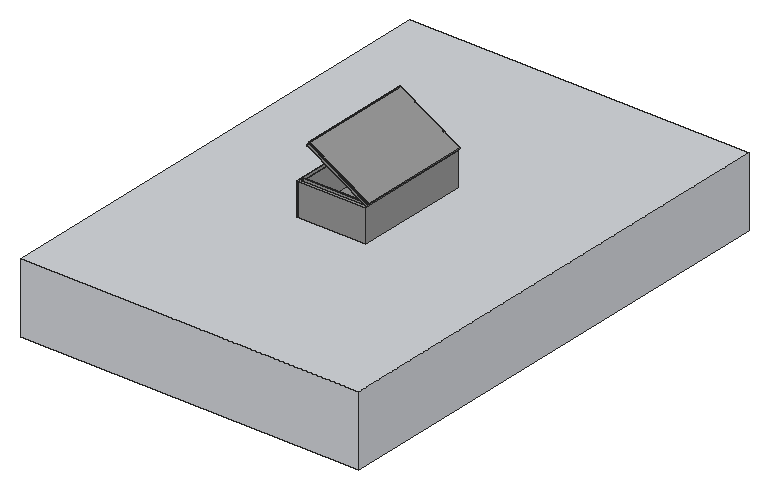
Revit family "Hager-Univers-IP44-D161-Cl.II-FWB-encl--NL-en", category Equipement électrique, Revit 2020
Family settings
  Hôte = Face
  Configuration du panneau = Deux colonnes, circuits au sein
  Cote de connecteur circulaire = Utiliser le diamètre
  Type d'élément = Tableau de raccordement
  Couper avec des vides une fois chargée = Non
  Partagée = Non
  Point de calcul de pièce = Non
Parameters (values of type "Surface mounted (plaster) IP44 W300 H500 D161  - FWQ31P")
  Width Control [instance] = if([EF000008 - Width] > Min Width, [EF000008 - Width], Min Width)  # 300 mm
  Commentaires du type = [HG000003 - Range]  # "Univers"
  Thickness Door [instance] = if([EF009171 - Material plate thickness door/cover] > 3 mm, 3 mm, [EF009171 - Material plate thickness door/cover])  # 2 mm
  Seal Frame Offset [instance] = 17 mm  # constant formula
  Plinth Visibility [instance] = [HG000027 - Plinth height] > 0 mm  # no
  Model = ""
  Min Width [instance] = 100 mm  # constant formula
  Min Height [instance] = 100 mm  # constant formula
  Min Depth [instance] = (2 * [EF009170 - Material plate thickness cabinet]) + 1 mm  # 5 mm
  Internal Frame Depth [instance] = (Door System Depth * 0.5)  # 9 mm
  Height Control [instance] = if([EF000040 - Height] > Min Height, [EF000040 - Height], Min Height)  # 500 mm
  HG000027 - Plinth height = 0 mm
  HG000026 - Floor standing = no
  HG000024 - Bottom section height = 800 mm
  HG000023 - Double section enclosure = no
  HG000016 - Door 3d visibility [instance] = yes
  HG000015 - Clearance visibility [instance] = no
  HG000014 - Door on the right [instance] = yes
  HG000013 - Door on the left [instance] = not([HG000014 - Door on the right])  # no
  HG000012 - Door swing angle [instance] = 30.00°
  HG000010 - Asymmetric doors = no
  HG000009 - Double swing door = no
  HG000006 - Flush mounted = no
  HG000004 - Manufacturer reference = "FWQ31P"
  HG000003 - Range = "Univers"
  HG000002 - With door or cover = yes
  Frame Offset Bottom [instance] = 10 mm  # constant formula
  Frame Offset [instance] = 15 mm  # constant formula
  EF015940 - Cover with overpressure release = no
  EF011959 - Degree of protection (NEMA) = ""
  EF009554 - Number of openings for flange plates = 2
  EF009212 - Cover model = "EV009916 - With notch"
  EF009171 - Material plate thickness door/cover = 2 mm
  EF009170 - Material plate thickness cabinet = 2 mm
  Fabricant = "Hager"  # constant formula
  EF008873 - Nominal current (In) = 125 A
  EF007800 - Suitable for lightning protection = no
  EF006306 - With lock = no
  EF006244 - Transparent cover/door = no
  EF005474 - Degree of protection (IP) = "EV006418 - IP44"
  EF004464 - Type of door = "EV002646 - Single"
  EF004427 - Number of modules = 36
  EF004293 - Impact strength = "EV006815 - IK09"
  EF003532 - Suitable for outdoor use = no
  EF002950 - Width in number of modular spacings = 12
  EF001613 - Circuit integrity = "EV000494 - None"
  EF001596 - Material housing = "EV000179 - Steel"
  EF001131 - Internal depth = 161 mm
  EF001088 - Extension possible = yes
  EF000437 - Number of conduit inlets = 4
  EF000339 - Type of cover = "EV001012 - Cover"
  EF000266 - Number of rows = 1
  EF000218 - Built-in depth = 0 mm
  EF000118 - With mounting plate = yes
  EF000116 - RAL-number = "9010"
  EF000049 - Depth = 161 mm
  EF000040 - Height = 500 mm
  EF000008 - Width = 300 mm
  EF000007 - Colour = "EV000202 - White"
  EF000003 - Mounting method = "EV000384 - Surface mounted (plaster)"
  Door System Leaf Tolerance [instance] = 1.5 mm  # constant formula
  Door System Depth [instance] = 18 mm  # constant formula
  Door Height [instance] = Height Control - [HG000027 - Plinth height]  # 500 mm
  Depth Control [instance] = if([EF000049 - Depth] > Min Depth, [EF000049 - Depth], Min Depth)  # 161 mm
  Default Elevation = 0 mm
  Connector Offset [instance] = Height Control / 2  # 250 mm
  Bottom Top Plate Trim [instance] = 1.5 mm  # constant formula
  Plinth height Ctrl [instance] = if([HG000027 - Plinth height] > 0 mm, [HG000027 - Plinth height], 12 mm)  # 12 mm
Reference planes
  plane 1 "Center (Front/Back)": y = 0
  plane 2: z = 0
  plane 3 "Center (Left/Right)": x = 0
  plane 4: z = 161
  plane 5: y = 2
  plane 6: y = 250
  plane 7: y = 0
  plane 8: y = 500
  plane 9: z = 0
  plane 10: x = -135
  plane 11: x = 135
  plane 12: x = 133
  plane 13: x = -133
  plane 14: y = 498
  plane 15: x = -133
  plane 16: x = -150
  plane 17: x = 133
  plane 18: x = 150
  plane 19: x = 148
  plane 20: x = -148
  plane 21: y = 12
  plane 22: y = 500
  plane 23: y = 483
  plane 24: z = 143
  plane 25: z = 2
  plane 26: z = 141
  plane 27: z = 159
Forms (mm)
  Extrusion 1, solid
    sketch origin (0, 0, 0) x (1, 0, 0) y (0, 1, 0)
      loop
        line (-702.964, 1305) -> (-702.964, -811.445) -> (766.763, -811.445) -> (766.763, 1305) -> (-702.964, 1305)
    from 0 to -304.8
  Extrusion 2, solid, material "Hager_Steel_RAL7035_Light_Grey", visible <- "Plinth Visibility", detail levels medium+fine
    sketch origin (0, 0, 0) x (1, 0, 0) y (0, 1, 0)
      loop
        line (-150, 0) -> (150, 0) -> (150, 12) -> (-150, 12) -> (-150, 0)
    from 0 to 143
  Extrusion 3, solid, material "Hager_Steel_RAL7035_Light_Grey", detail levels medium+fine
    sketch origin (0, 0, 0) x (1, 0, 0) y (0, 1, 0)
      loop
        line (-150, 0) -> (150, 0) -> (150, 500) -> (-150, 500) -> (-150, 0)
    from 0 to 143
  Extrusion 4, void
    sketch origin (0, 0, 0) x (1, 0, 0) y (0, 1, 0)
      loop
        line (-148, 2) -> (148, 2) -> (148, 498) -> (-148, 498) -> (-148, 2)
    from 2 to 141
  Extrusion 5, void
    sketch origin (-381.607, -4572, 143) x (0, -1, 0) y (-1, 0, 0)
      loop
        line (-4584, -248.607) -> (-5055, -248.607) -> (-5055, -514.607) -> (-4584, -514.607) -> (-4584, -248.607)
    from 0 to 2 <- "EF009170 - Material plate thickness cabinet"
  Extrusion 6, solid, material "Hager_Steel_RAL7035_Light_Grey", detail levels fine
    sketch origin (0, 0, 143) x (1, 0, 0) y (0, 1, 0)
      loop
        line (-133, 483) -> (-133, 12) -> (133, 12) -> (133, 483) -> (-133, 483)
      loop
        line (-135, 10) -> (135, 10) -> (135, 485) -> (-135, 485) -> (-135, 10)
    from 0 to 9 <- "Internal Frame Depth"
  Extrusion 7, solid, material "Hager_Steel_RAL7035_Light_Grey", detail levels coarse
    sketch origin (0, 0, 0) x (1, 0, 0) y (0, 1, 0)
      loop
        line (-150, 0) -> (150, 0) -> (150, 500) -> (-150, 500) -> (-150, 0)
    from 0 to 161
  Sweep 8, void
    path in 3D
      loop
        line (-150, 12, 0) -> (150, 12, 0) -> (150, 12, 143) -> (-150, 12, 143) -> (-150, 12, 0)
    profile origin (-150, 12, 71.5) x (-1, 0, 0) y (0, -1, 0)
      loop
        line (0, 0) -> (0, 1.5) -> (-1.5, 1.5)
        arc (-1.5, 1.5) -> (-1.061, 0.439) -> (0, 0) r 1.5
Cuts and joins
  Extrusion 4, Extrusion 5 cuts Extrusion 3
  Sweep 8 cuts Extrusion 2
Lines and regions (mm)
  Masking region 1
    outline origin (0, 0, 0) x (1, 0, 0) y (0, 0, 1)
      loop
        line (-150, 161) -> (-150, 0) -> (150, 0) -> (150, 161) -> (-150, 161)
  Masking region 2, detail levels medium+fine
    outline origin (0, 140, 0) x (0, 1, 0) y (0, 0, 1)
      loop
        line (-140, 0) -> (360, 0) -> (360, 143) -> (-140, 143) -> (-140, 0)
  Masking region 3, not visible, detail levels medium+fine
    outline origin (0, 297.922, 0) x (0, 1, 0) y (0, 0, 1)
      loop
        line (-36.422, 0) -> (3.578, 0) -> (3.578, 149)
        arc (3.578, 149) -> (0.649, 156.071) -> (-6.422, 159) r 10
        line (-6.422, 159) -> (-36.422, 159) -> (-36.422, 0)
  Masking region 4, detail levels coarse
    outline origin (0, 0, 180) x (0, 1, 0) y (0, 0, 1)
      loop
        line (0, -180) -> (500, -180) -> (500, -19) -> (0, -19) -> (0, -180)
  Masking region 5, visible <- "Plinth Visibility", detail levels medium+fine
    outline origin (0, 52.24, 12.345) x (0, 0, -1) y (0, 1, 0)
      loop
        line (10.845, -40.24) -> (-129.155, -40.24)
        arc (-129.155, -40.24) -> (-129.594, -41.301) -> (-130.655, -41.74) r 1.5
        line (-130.655, -41.74) -> (-130.655, -52.24) -> (12.345, -52.24) -> (12.345, -41.74)
        arc (12.345, -41.74) -> (11.285, -41.301) -> (10.845, -40.24) r 1.5
  Masking region 6, detail levels medium+fine
    outline origin (-381.607, -4572, 143) x (-1, 0, 0) y (0, -1, 0)
      loop
        line (-231.607, -5072) -> (-231.607, -4572) -> (-531.607, -4572) -> (-531.607, -5072) -> (-231.607, -5072)
  Masking region 7, visible <- "Plinth Visibility", detail levels medium+fine
    outline origin (-381.607, -4727, 143) x (-1, 0, 0) y (0, -1, 0)
      loop
        arc (-233.107, -4739) -> (-232.668, -4737.939) -> (-231.607, -4737.5) r 1.5
        line (-231.607, -4737.5) -> (-231.607, -4727) -> (-531.607, -4727) -> (-531.607, -4737.5)
        arc (-531.607, -4737.5) -> (-530.546, -4737.939) -> (-530.107, -4739) r 1.5
        line (-530.107, -4739) -> (-233.107, -4739)
  Masking region 8, detail levels coarse
    outline origin (-442.548, -4669.526, 143) x (-1, 0, 0) y (0, -1, 0)
      loop
        line (-292.548, -5169.526) -> (-292.548, -4669.526) -> (-592.548, -4669.526) -> (-592.548, -5169.526) -> (-292.548, -5169.526)
  sketch lines
    curve 1: line (-150, 12, 143) -> (-150, 12, 0)
    curve 2: line (150, 12, 143) -> (-150, 12, 143)
    curve 3: line (150, 12, 143) -> (150, 12, 0)
    curve 4: line (-150, 12, 0) -> (150, 12, 0)
Dimensions and locks
  "Depth Control": plane 4 to Extrusion 1
  "HG000027 - Plinth height": plane 1 "Center (Front/Back)" to plane 7
  "EF009170 - Material plate thickness cabinet": plane 5 to plane 7
  locked: connector elem to plane 3 "Center (Left/Right)"
  equal spacing: plane 8, plane 6, plane 7
  locked: connector elem to plane 6
  "EF009170 - Material plate thickness cabinet": plane 8 to plane 14
  "EF009170 - Material plate thickness cabinet": plane 10 to plane 13
  "EF009170 - Material plate thickness cabinet": plane 12 to plane 11
  "Frame Offset": plane 20 to plane 13
  "Frame Offset": plane 12 to plane 19
  "EF009170 - Material plate thickness cabinet": plane 16 to plane 20
  "EF009170 - Material plate thickness cabinet": plane 19 to plane 18
  "Seal Frame Offset": plane 16 to plane 15
  "Seal Frame Offset": plane 17 to plane 18
  "Frame Offset Bottom": plane 21 to plane 5
  "Frame Offset": plane 14 to plane 23
  equal spacing: plane 16, plane 3 "Center (Left/Right)", plane 18
  "Width Control": plane 16 to plane 18
  "EF009170 - Material plate thickness cabinet": plane 4 to plane 27
  "EF009170 - Material plate thickness cabinet": plane 24 to plane 26
  "EF009170 - Material plate thickness cabinet": plane 25 to level
  "Door System Depth": plane 4 to plane 24
  "Height Control": plane 1 "Center (Front/Back)" to Extrusion 7 sketch curve
  "Height Control": Masking region 4 sketch curve to plane 1 "Center (Front/Back)"
  "Height Control": plane 1 "Center (Front/Back)" to plane 22
  "Bottom Top Plate Trim": profile plane to Sweep 8 sketch curve
  "Bottom Top Plate Trim": Sweep 8 sketch curve to profile plane
  "Plinth height Ctrl": plane 1 "Center (Front/Back)" to Extrusion 2 sketch curve
  "Plinth height Ctrl": Masking region 5 sketch curve to plane 1 "Center (Front/Back)"
  "Plinth height Ctrl": plane 1 "Center (Front/Back)" to Masking region 7 sketch curve
  "Thickness Door": Extrusion 6 sketch curve to Extrusion 6 sketch curve  (x3)
  "Thickness Door": cut or joined group of Extrusion 3, Extrusion 4, Extrusion 5 to Extrusion 6 sketch curve
  radius of Masking region 3 sketch curve = 10 mm
  "Bottom Top Plate Trim": radius of Masking region 5 sketch curve  (x2)
  "Bottom Top Plate Trim": radius of Sweep 8 sketch curve
  "Bottom Top Plate Trim": radius of Masking region 7 sketch curve  (x2)
  aligned and locked: plane 2 to Extrusion 1
  aligned and locked: level to Extrusion 1
  aligned and locked: level to Masking region 1 sketch curve
  aligned and locked: Masking region 1 sketch curve to plane 18
  aligned and locked: Masking region 1 sketch curve to plane 16
  aligned and locked: plane 7 to Masking region 2 sketch curve
  aligned and locked: level to Masking region 3 sketch curve
  aligned and locked: Masking region 3 sketch curve to plane 27
  aligned and locked: level to Masking region 2 sketch curve
  aligned and locked: plane 1 "Center (Front/Back)" to Extrusion 2 sketch curve
  aligned and locked: Extrusion 3 sketch curve to plane 7
  aligned and locked: plane 16 to Extrusion 3 sketch curve
  aligned and locked: plane 18 to Extrusion 3 sketch curve
  aligned and locked: plane 20 to Extrusion 4 sketch curve
  aligned and locked: plane 19 to Extrusion 4 sketch curve
  aligned and locked: Extrusion 4 sketch curve to plane 5
  aligned and locked: Extrusion 4 to plane 25
  aligned and locked: plane 26 to Extrusion 4
  aligned and locked: plane 24 to Extrusion 3
  aligned and locked: plane 21 to Extrusion 5 sketch curve
  aligned and locked: Extrusion 5 sketch curve to plane 13
  aligned and locked: Extrusion 5 sketch curve to plane 12
  aligned and locked: plane 18 to Extrusion 7 sketch curve
  aligned and locked: plane 1 "Center (Front/Back)" to Extrusion 7 sketch curve
  aligned and locked: plane 16 to Extrusion 7 sketch curve
  aligned and locked: plane 4 to Extrusion 7
  aligned and locked: Extrusion 7 to level
  aligned and locked: level to Masking region 4 sketch curve
  aligned and locked: Masking region 4 sketch curve to plane 1 "Center (Front/Back)"
  aligned and locked: Masking region 4 sketch curve to plane 4
  aligned and locked: nested 1 to level
  aligned and locked: nested 1 to plane 16
  aligned and locked: plane 8 to Extrusion 3 sketch curve
  aligned and locked: plane 23 to Extrusion 5 sketch curve
  aligned and locked: plane 14 to Extrusion 4 sketch curve
  aligned and locked: Masking region 2 sketch curve to plane 8
  aligned and locked: level to Masking region 5 sketch curve
  aligned and locked: plane 16 to Extrusion 2 sketch curve
  aligned and locked: plane 18 to Extrusion 2 sketch curve
  aligned and locked: Masking region 5 sketch curve to plane 24
  aligned and locked: Masking region 2 sketch curve to plane 24
  aligned and locked: plane 24 to Extrusion 2
  aligned and locked: profile plane to Sweep 8 sketch curve  (x2)
  aligned and locked: Masking region 6 sketch curve to plane 18
  aligned and locked: Masking region 6 sketch curve to plane 22
  aligned and locked: Masking region 6 sketch curve to plane 16
  aligned and locked: plane 8 to plane 22
  aligned and locked: plane 7 to Masking region 6 sketch curve
  aligned and locked: Masking region 7 sketch curve to plane 16
  aligned and locked: Masking region 7 sketch curve to plane 1 "Center (Front/Back)"
  aligned and locked: Masking region 7 sketch curve to plane 18
  aligned and locked: Masking region 8 sketch curve to plane 1 "Center (Front/Back)"
  aligned and locked: Masking region 8 sketch curve to plane 18
  aligned and locked: Masking region 8 sketch curve to plane 22
  aligned and locked: Masking region 8 sketch curve to plane 16
  aligned and locked: nested 2 to plane 7
  aligned and locked: plane 3 "Center (Left/Right)" to nested 2
  aligned and locked: plane 24 to nested 2
  aligned and locked: Extrusion 6 sketch curve to cut or joined group of Extrusion 3, Extrusion 4, Extrusion 5  (x4)
Automatic sketch dimensions
  Extrusion 1 sketch curve to Extrusion 1 sketch curve = 1469.727 mm
  Extrusion 1 sketch curve to Extrusion 1 sketch curve = 2116.445 mm
  Masking region 1 sketch curve to plane 4 = 0 mm
  plane 6 to Masking region 3 sketch curve = 11.5 mm
  Masking region 3 sketch curve to Masking region 3 sketch curve = 30 mm
  Masking region 5 sketch curve to plane 1 "Center (Front/Back)" = 0 mm
Nested families
  nested 1: "Hager_Enclosure_Symbol" at (-150, 0, 0) x (1, 0, 0) z (0, -1, 0), Height <- "Depth Control", Width <- "Width Control", type "Hager_Enclosure_Symbol"
    with Width_Ctrl 300 mm, Width 300 mm, Height_Ctrl 161 mm, Height 161 mm, A_Width_Int 10.566 mm, A_Width 126.788 mm, A_Height_Ctrl 140.875 mm, A_Height 140.875 mm
  nested 2: "EC000058_Univers_Door" at (0, 0, 143) x (1, 0, 0) z (0, 1, 0), Leaf_Tolerance <- "Door System Leaf Tolerance", Angle <- "HG000012 - Door swing angle", Door_Depth <- "Door System Depth", Door_Left <- "HG000013 - Door on the left", Transparent <- "EF006244 - Transparent cover/door", Assymetrical <- "HG000010 - Asymmetric doors", Width <- "Width Control", Clearance <- "HG000015 - Clearance visibility", Double <- "HG000009 - Double swing door", 3d_Door <- "HG000016 - Door 3d visibility", Lock_Visibility <- "EF006306 - With lock", Width_Ctrl <- "Width Control", Door_Right <- "HG000014 - Door on the right", Door <- "HG000002 - With door or cover", Height <- "Door Height", Thickness <- "Thickness Door", type "EC000058_Univers_Door", detail levels medium+fine
    with min_wh 5 mm, Width_Ctrl 300 mm, Width 300 mm, Transparent no, Thickness 2 mm, Seal_Material Hager_Rubber, Lock_Visibility no, Lock_Material Hager_Plastic_RAL9005_Jet_Black, Leaf_Width 300 mm, Leaf_Tolerance_External_Sides 0 mm, Leaf_Tolerance 1.5 mm, Leaf_Offset 0 mm, Leaf_Height 497 mm, Leaf_2_Width 300 mm, Leaf_2_Offset 150 mm, Leaf_1_Width 300 mm, Leaf_1_Offset 150 mm, Height_Ctrl 500 mm, Height 500 mm, Glass_Material Hager_Glass, Double_Clearance_Ctrl no, Double no, Door_Right_Ctrl yes, Door_Right yes, Door_Material Hager_Steel_RAL7035_Light_Grey, Door_Left_Ctrl no, Door_Left no, Door_Depth 18 mm, Door yes, Clearance_Material Hager_Clearance, Clearance_Depth 300 mm, Clearance_Ctrl no, Clearance no, Assymetrical no, Angle 30.00°, 3d_Door yes
Connectors
  electrical at (0, 250, 0)
    settings: on plane 9, index 1, voltage 0 V, apparent load 0 VA, apparent load phase1 0 VA, apparent load phase2 0 VA, apparent load phase3 0 VA, power factor 1, load classification "Other", number of poles 1, system type 30, power factor state 1, is connector primary yes, connector utility no, sub classification motor no, connector description ""
Definition of nested family "EC000058_Univers_Door"
  Parameters (values of type "EC000058_Univers_Door")
    min_wh [instance] = (2 * Thickness) + 1 mm  # 11 mm
    Width_Ctrl [instance] = 400 mm
    Width [instance] = 500 mm
    Transparent [instance] = yes
    Thickness [instance] = 5 mm
    Seal_Material [instance] = none
    Lock_Visibility [instance] = yes
    Lock_Material [instance] = none
    Leaf_Width [instance] = if((Width_Ctrl - 2 * Leaf_Tolerance_External_Sides) > 0 mm, (Width_Ctrl - 2 * Leaf_Tolerance_External_Sides), min_wh)  # 400 mm
    Leaf_Tolerance_External_Sides [instance] = 0 mm  # constant formula
    Leaf_Tolerance [instance] = 1.5 mm
    Leaf_Offset [instance] = 0 mm  # constant formula
    Leaf_Height [instance] = if((Height_Ctrl - 2 * Leaf_Tolerance) > 0 mm, (Height_Ctrl - 2 * Leaf_Tolerance), min_wh)  # 497 mm
    Leaf_2_Width [instance] = if(and(and(Double, Assymetrical), Door_Left), (Leaf_Width / 3) - (Leaf_Tolerance / 2), if(and(and(Double, Assymetrical), Door_Right), (Leaf_Width / 3) * 2 - (Leaf_Tolerance / 2), if(and(Double, not(Assymetrical)), (Leaf_Width / 2) - Leaf_Tolerance, Leaf_Width)))  # 400 mm
    Leaf_2_Offset [instance] = if(and(Double, Assymetrical), Leaf_2_Width / 2, if(and(Double, not(Assymetrical)), Leaf_Width / 4, Leaf_Width / 2))  # 200 mm
    Leaf_1_Width [instance] = if(and(and(Double, Assymetrical), Door_Right), (Leaf_Width / 3) - (Leaf_Tolerance / 2), if(and(and(Double, Assymetrical), Door_Left), (Width / 3) * 2 - (Leaf_Tolerance / 2), if(and(Double, not(Assymetrical)), (Leaf_Width / 2) - Leaf_Tolerance, Leaf_Width)))  # 400 mm
    Leaf_1_Offset [instance] = if(and(Double, Assymetrical), Leaf_1_Width / 2, if(and(Double, not(Assymetrical)), Leaf_Width / 4, Leaf_Width / 2))  # 200 mm
    Height_Ctrl [instance] = if(Height > min_wh, Height, min_wh)  # 500 mm
    Height [instance] = 500 mm
    Glass_Material [instance] = none
    Double_Clearance_Ctrl [instance] = and(Double, Clearance)  # no
    Double [instance] = no
    Door_Right_Ctrl [instance] = and(or(Door_Right, Double), Door)  # yes
    Door_Right [instance] = yes
    Door_Material [instance] = none
    Door_Left_Ctrl [instance] = and(or(Door_Left, Double), Door)  # no
    Door_Left [instance] = no
    Door_Depth [instance] = 30 mm
    Door [instance] = yes
    Default Elevation = 1219.2 mm
    Clearance_Material [instance] = none
    Clearance_Depth [instance] = if(Leaf_1_Width > Leaf_2_Width, Leaf_1_Width, Leaf_2_Width)  # 400 mm
    Clearance_Ctrl [instance] = and(not(Double), Clearance)  # yes
    Clearance [instance] = yes
    Assymetrical [instance] = yes
    Angle [instance] = 30.00°
    3d_Door [instance] = yes
  Reference planes
    plane 1 "Center (Front/Back)": y = 0
    plane 2 "Bottom": z = 0
    plane 3 "Center (Left/Right)": x = 0
    plane 4: z = 500
    plane 5: x = -200
    plane 6: x = 200
    plane 7: z = 500
    plane 8: x = -200
    plane 9: z = 0
    plane 10: x = 200
    plane 11: y = 0
    plane 12: z = 1.5
    plane 13: x = -600
    plane 14: y = -400
    plane 15: x = 600
    plane 16: x = 0
    plane 17: x = 0
    plane 18: x = -200
    plane 19: x = 200
    plane 20: z = 498.5
  Forms (mm)
    Extrusion 1, solid, material <- "Clearance_Material", visible <- "Double_Clearance_Ctrl"
      sketch origin (1200, 0, 0) x (1, 0, 0) y (0, 0, -1)
        loop
          line (-1800, -498.5) -> (-600, -498.5) -> (-600, 0) -> (-1800, 0) -> (-1800, -498.5)
      from 0 to -400
  Dimensions and locks
    equal spacing: plane 5, plane 3 "Center (Left/Right)", plane 6
    "Width_Ctrl": plane 5 to plane 6
    "Leaf_Offset": plane 5 to plane 8
    "Leaf_Offset": plane 6 to plane 10
    "Leaf_Offset": plane 9 to level
    "Leaf_Offset": plane 4 to plane 7
    "Height_Ctrl": plane 4 to level
    "Leaf_Tolerance": plane 12 to plane 9
    locked: plane 11 to plane 1 "Center (Front/Back)"
    "Leaf_1_Offset": plane 18 to plane 16
    "Leaf_2_Offset": plane 17 to plane 19
    "Leaf_1_Width": plane 13 to plane 8
    "Leaf_2_Width": plane 10 to plane 15
    "Clearance_Depth": plane 14 to plane 1 "Center (Front/Back)"
    "Leaf_Tolerance_External_Sides": plane 8 to plane 18
    "Leaf_Tolerance_External_Sides": plane 19 to plane 10
    "Leaf_Tolerance": plane 7 to plane 20
    aligned and locked: level to plane 2 "Bottom"
    aligned and locked: nested 1 to plane 16
    aligned and locked: nested 2 to plane 17
    aligned and locked: Extrusion 1 to plane 13
    aligned and locked: plane 15 to Extrusion 1
    aligned and locked: Extrusion 1 to plane 14
    aligned and locked: plane 12 to nested 1
    aligned and locked: nested 2 to plane 12
    aligned and locked: Extrusion 1 to plane 11
    aligned and locked: plane 20 to Extrusion 1
    aligned and locked: nested 2 to plane 11
    aligned and locked: nested 1 to plane 11
  Automatic sketch dimensions
    Extrusion 1 sketch curve to level = 0 mm
    plane 5 to Extrusion 1 sketch curve = 400 mm
    plane 6 to Extrusion 1 sketch curve = 400 mm
    Extrusion 1 sketch curve to plane 4 = 1.5 mm
  Nested families
    nested 1: "EC000058_Univers_Door_Leaf" at (0, 0, 1.5), Width <- "Leaf_1_Width", visible <- "Door_Left_Ctrl", Leaf_Height <- "Leaf_Height", Angle <- "Angle", 3d_Door <- "3d_Door", Transparent <- "Transparent", Clearance Material <- "Clearance_Material", Clearance <- "Clearance_Ctrl", Door_Material <- "Door_Material", Glass_Material <- "Glass_Material", Door_Depth <- "Door_Depth", Lock_Material <- "Lock_Material", Seal_Material <- "Seal_Material", Lock_Visibility <- "Lock_Visibility", Thickness <- "Thickness", type "EC000058_Univers_Door_Leaf"
      with Width 400 mm, Transparent_Glass_Offset 30 mm, Transparent_Ctrl yes, Transparent yes, Thickness 5 mm, Standard no, Seal_Material none, Seal_D2 8 mm, Seal_D1 1 mm, Offset_Internal_Frame 10 mm, Lock_Width 20 mm, Lock_Visibility_3d yes, Lock_Visibility yes, Lock_Thickness_3 3 mm, Lock_Thickness_2 1 mm, Lock_Thickness_1 3 mm, Lock_Radius_Offset_2 16 mm, Lock_Radius_Offset_1 15 mm, Lock_Radius_2 5 mm, Lock_Radius 6 mm, Lock_Offset 5 mm, Lock_Material none, Lock_Height 80 mm, Lock_Cover_Top_Offset_2d 17 mm, Lock_Cover_Height -65 mm, Leaf_Height 497 mm, Internal_Seal_Thickness 8 mm, Internal_Seal_Depth_2 4.5 mm, Internal_Frame_Depth 25 mm, Glass_Thickness -1 mm, Glass_Offset -2 mm, Glass_Material none, Door_Material none, Door_Depth 30 mm, Clearance Material none, Clearance yes, Angle_Ctrl 30.00°, Angle 30.00°, 3d_Door yes
    nested 2: "EC000058_Univers_Door_Leaf" at (0, 0, 1.5) x (-1, 0, 0) z (0, 0, 1), Width <- "Leaf_2_Width", visible <- "Door_Right_Ctrl", Leaf_Height <- "Leaf_Height", Angle <- "Angle", 3d_Door <- "3d_Door", Transparent <- "Transparent", Clearance Material <- "Clearance_Material", Clearance <- "Clearance_Ctrl", Door_Material <- "Door_Material", Glass_Material <- "Glass_Material", Door_Depth <- "Door_Depth", Lock_Material <- "Lock_Material", Seal_Material <- "Seal_Material", Lock_Visibility <- "Lock_Visibility", Thickness <- "Thickness", type "EC000058_Univers_Door_Leaf"
      with Width 400 mm, Transparent_Glass_Offset 30 mm, Transparent_Ctrl yes, Transparent yes, Thickness 5 mm, Standard no, Seal_Material none, Seal_D2 8 mm, Seal_D1 1 mm, Offset_Internal_Frame 10 mm, Lock_Width 20 mm, Lock_Visibility_3d yes, Lock_Visibility yes, Lock_Thickness_3 3 mm, Lock_Thickness_2 1 mm, Lock_Thickness_1 3 mm, Lock_Radius_Offset_2 16 mm, Lock_Radius_Offset_1 15 mm, Lock_Radius_2 5 mm, Lock_Radius 6 mm, Lock_Offset 5 mm, Lock_Material none, Lock_Height 80 mm, Lock_Cover_Top_Offset_2d 17 mm, Lock_Cover_Height -65 mm, Leaf_Height 497 mm, Internal_Seal_Thickness 8 mm, Internal_Seal_Depth_2 4.5 mm, Internal_Frame_Depth 25 mm, Glass_Thickness -1 mm, Glass_Offset -2 mm, Glass_Material none, Door_Material none, Door_Depth 30 mm, Clearance Material none, Clearance yes, Angle_Ctrl 30.00°, Angle 30.00°, 3d_Door yes
  Definition of nested family "EC000058_Univers_Door_Leaf"
    Parameters (values of type "EC000058_Univers_Door_Leaf")
      Width [instance] = 2000 mm
      Transparent_Glass_Offset [instance] = 30 mm
      Transparent_Ctrl [instance] = and(Transparent, [3d_Door])  # yes
      Transparent [instance] = yes
      Thickness [instance] = 5 mm
      Standard [instance] = and(not(Transparent), [3d_Door])  # no
      Seal_Material [instance] = none
      Seal_D2 [instance] = 8 mm  # constant formula
      Seal_D1 [instance] = 1 mm  # constant formula
      Offset_Internal_Frame [instance] = 10 mm  # constant formula
      Lock_Width [instance] = 20 mm  # constant formula
      Lock_Visibility_3d [instance] = and(Lock_Visibility, [3d_Door])  # yes
      Lock_Visibility [instance] = yes
      Lock_Thickness_3 [instance] = 3 mm  # constant formula
      Lock_Thickness_2 [instance] = 1 mm  # constant formula
      Lock_Thickness_1 [instance] = 3 mm  # constant formula
      Lock_Radius_Offset_2 [instance] = Lock_Radius_Offset_1 + 1 mm  # 16 mm
      Lock_Radius_Offset_1 [instance] = 15 mm  # constant formula
      Lock_Radius_2 [instance] = Lock_Radius - 1 mm  # 5 mm
      Lock_Radius [instance] = 6 mm  # constant formula
      Lock_Offset [instance] = 5 mm  # constant formula
      Lock_Material [instance] = none
      Lock_Height [instance] = 80 mm  # constant formula
      Lock_Cover_Top_Offset_2d [instance] = Lock_Radius_Offset_2 + 1 mm  # 17 mm
      Lock_Cover_Height [instance] = -(Lock_Height - Lock_Radius_Offset_1)  # -65 mm
      Leaf_Height [instance] = 2720.336 mm
      Internal_Seal_Thickness [instance] = 8 mm  # constant formula
      Internal_Seal_Depth_2 [instance] = 4.5 mm  # constant formula
      Internal_Frame_Depth [instance] = if(Door_Depth - Thickness > 5 mm, Door_Depth - Thickness, 5 mm)  # 25 mm
      Glass_Thickness [instance] = if(Thickness > 15 mm, Glass_Offset + 10 mm, -1 mm)  # -1 mm
      Glass_Offset [instance] = if(Thickness > 15 mm, -(Thickness + 10 mm) / 2, -2 mm)  # -2 mm
      Glass_Material [instance] = none
      Door_Material [instance] = none
      Door_Depth [instance] = 30 mm
      Default Elevation = 0 mm
      Clearance Material [instance] = none
      Clearance [instance] = yes
      Angle_Ctrl [instance] = if(Angle > 180.00°, 180.00°, Angle)  # 90.00°
      Angle [instance] = 90.00°
      3d_Door [instance] = yes
    Reference planes
      plane 1 "Center (Front/Back)": y = 0
      plane 2: z = 0
      plane 3 "Center (Left/Right)": x = 0
      plane 4: y = 2000
      plane 5: x = -1000
      plane 6: x = 1000
      plane 7: x = -3000
      plane 8: z = 2720.336
      plane 9: z = 30
      plane 10: z = 2690.336
      plane 11: x = 970
      plane 12: x = -970
      plane 13: y = -3
      plane 14: z = 107.833
      plane 15: y = -5
      plane 16: y = -223.314
      plane 17: x = -1000
      plane 18: z = 1360.168
      plane 19: y = 30
    Forms (mm)
      Extrusion 1, solid, material <- "Clearance Material", visible <- "Clearance"
        sketch origin (0, 0, 0) x (1, 0, 0) y (0, 0, 1)
          loop
            line (-3000, 2720.336) -> (-3000, 0) -> (1000, 0) -> (1000, 2720.336) -> (-3000, 2720.336)
        from 0 to -2000
      Extrusion 2, solid, material <- "Door_Material", visible <- "Standard", detail levels medium+fine
        sketch origin (-1000, 0, 0) x (0, 1, 0) y (-1, 0, 0)
          loop
            line (0, 30) -> (0, 25) -> (2000, 25) -> (2000, 30) -> (0, 30)
        from 0 to 2720.336 <- "Leaf_Height"
      Extrusion 3, solid, material <- "Door_Material", visible <- "Transparent_Ctrl", detail levels medium+fine
        sketch origin (-1000, 0, 0) x (0, 1, 0) y (-1, 0, 0)
          loop
            line (0, 25) -> (2000, 25) -> (2000, 30) -> (0, 30) -> (0, 25)
        from 0 to 2720.336 <- "Leaf_Height"
      Extrusion 4, void
        sketch origin (-1025, 2000, 0) x (0, 1, 0) y (0, 0, -1)
          loop
            line (-30, -2690.336) -> (-30, -30) -> (-1970, -30) -> (-1970, -2690.336) -> (-30, -2690.336)
        from 0 to 5 <- "Thickness"
      Sweep 5, solid, material <- "Seal_Material", visible <- "Transparent_Ctrl", detail levels fine
        path in 3D
          loop
            line (-1025, 30, 30) -> (-1025, 30, 2690.336) -> (-1025, 1970, 2690.336) -> (-1025, 1970, 30) -> (-1025, 30, 30)
        profile origin (-1025, 1000, 30) x (1, 0, 0) y (0, 0, 1)
          loop
            line (0, 0) -> (0, -8) -> (1, -8) -> (1, 0) -> (0, 0)
      Extrusion 6, solid, material <- "Glass_Material", visible <- "Transparent_Ctrl", detail levels medium+fine
        sketch origin (-1030, 0, 0) x (0, 1, 0) y (0, 0, -1)
          loop
            line (1970, -2690.336) -> (1970, -30) -> (30, -30) -> (30, -2690.336) -> (1970, -2690.336)
        from -2 <- "Glass_Offset" to -1 <- "Glass_Thickness"
      Extrusion 7, solid, material <- "Door_Material", visible <- "3d_Door", detail levels medium+fine
        sketch origin (-1025, 2000, 0) x (0, -1, 0) y (0, 0, -1)
          loop
            line (0, -2720.336) -> (2000, -2720.336) -> (2000, 0) -> (0, 0) -> (0, -2720.336)
          loop
            line (1995, -5) -> (5, -5) -> (5, -2715.336) -> (1995, -2715.336) -> (1995, -5)
        from 0 to 25 <- "Internal_Frame_Depth"
      Sweep 8, solid, material <- "Seal_Material", visible <- "Transparent_Ctrl", detail levels fine
        path in 3D
          loop
            line (-1025, 0, 0) -> (-1025, 2000, 0) -> (-1025, 2000, 2720.336) -> (-1025, 0, 2720.336) -> (-1025, 0, 0)
        profile origin (-1025, 0, 1360.168) x (1, 0, 0) y (0, 1, 0)
          loop
            line (0, 10) -> (2.975, 10)
            arc (2.975, 10) -> (4.053, 10.447) -> (4.5, 11.525) r 1.525
            line (4.5, 11.525) -> (4.5, 16.527)
            arc (4.5, 16.527) -> (4.069, 17.569) -> (3.027, 18) r 1.473
            line (3.027, 18) -> (0, 18) -> (0, 10)
      Extrusion 9, solid, material <- "Lock_Material", visible <- "Lock_Visibility_3d", detail levels fine
        sketch origin (-1030, 0, 0) x (0, 1, 0) y (0, 0, -1)
          loop
            arc (1993.5, -1400.168) -> (1994.561, -1399.729) -> (1995, -1398.668) r 1.5
            line (1995, -1398.668) -> (1995, -1320.168) -> (1975, -1320.168) -> (1975, -1398.668)
            arc (1975, -1398.668) -> (1975.439, -1399.729) -> (1976.5, -1400.168) r 1.5
            line (1976.5, -1400.168) -> (1993.5, -1400.168)
        from 3 <- "Lock_Thickness_1" to 0
      Blend 10, solid, material <- "Lock_Material", visible <- "Lock_Visibility_3d", detail levels fine
        base sketch origin (-1033, 0, 0) x (0, 1, 0) y (0, 0, -1)
          loop
            line (1975, -1320.168) -> (1975, -1398.668)
            arc (1975, -1398.668) -> (1975.439, -1399.729) -> (1976.5, -1400.168) r 1.5
            line (1976.5, -1400.168) -> (1993.5, -1400.168)
            arc (1993.5, -1400.168) -> (1994.561, -1399.729) -> (1995, -1398.668) r 1.5
            line (1995, -1398.668) -> (1995, -1320.168) -> (1975, -1320.168)
        top sketch origin (-1033, 0, 0) x (0, 1, 0) y (0, 0, -1)
          loop
            line (1976, -1320.168) -> (1976, -1398.668)
            arc (1976, -1398.668) -> (1976.146, -1399.022) -> (1976.5, -1399.168) r 0.5
            line (1976.5, -1399.168) -> (1993.5, -1399.168)
            arc (1993.5, -1399.168) -> (1993.854, -1399.022) -> (1994, -1398.668) r 0.5
            line (1994, -1398.668) -> (1994, -1320.168) -> (1976, -1320.168)
        from 0 to 1 <- "Lock_Thickness_2"
      Blend 11, solid, material <- "Lock_Material", visible <- "Lock_Visibility_3d", detail levels fine
        base sketch origin (-1034, 0, 0) x (0, 1, 0) y (0, 0, -1)
          loop
            line (1978, -1320.168) -> (1978, -1384.168)
            arc (1978, -1384.168) -> (1985, -1391.168) -> (1992, -1384.168) r 7
            line (1992, -1384.168) -> (1992, -1320.168) -> (1978, -1320.168)
        top sketch origin (-1034, 0, 0) x (0, 1, 0) y (0, 0, -1)
          loop
            line (1991, -1320.168) -> (1979, -1320.168) -> (1979, -1383.168)
            arc (1979, -1383.168) -> (1985, -1389.168) -> (1991, -1383.168) r 6
            line (1991, -1383.168) -> (1991, -1320.168)
        from 0 to 3 <- "Lock_Thickness_3"
      Extrusion 12, solid, material <- "Lock_Material", visible <- "Lock_Visibility_3d", detail levels fine
        sketch origin (-1030, 1975, 1320.168) x (1, 0, 0) y (0, -1, 0)
          loop
            line (-7, -19) -> (-7, -1) -> (0, -1) -> (0, 0) -> (-8, 0) -> (-8, -20) -> (0, -20) -> (0, -19) -> (-7, -19)
        from 0 to -65 <- "Lock_Cover_Height"
      Extrusion 13, void
        sketch origin (-1038, 1995, 1320.168) x (-1, 0, 0) y (0, 0, -1)
          loop
            line (-5, -65) -> (0, -65) -> (-5, -60) -> (-5, -65)
        from 0 to 20 <- "Lock_Width"
      Extrusion 14, void
        sketch origin (-1038, 1975, 1320.168) x (0, -1, 0) y (0, 0, -1)
          loop
            circle (-10, -15.995) r 6
          loop
            circle (-10, -15.995) r 5
        from 0 to 2
      Extrusion 15, solid, material <- "Lock_Material", visible <- "Lock_Visibility_3d", detail levels medium
        sketch origin (-1030, 0, 0) x (0, 1, 0) y (0, 0, -1)
          loop
            arc (1993.5, -1400.168) -> (1994.561, -1399.729) -> (1995, -1398.668) r 1.5
            line (1995, -1398.668) -> (1995, -1320.168) -> (1975, -1320.168) -> (1975, -1398.668)
            arc (1975, -1398.668) -> (1975.439, -1399.729) -> (1976.5, -1400.168) r 1.5
            line (1976.5, -1400.168) -> (1993.5, -1400.168)
        from 8 to 0
    Cuts and joins
      Extrusion 4 cuts Extrusion 3
      Extrusion 13, Extrusion 14 cuts Extrusion 9
      Extrusion 14 cuts Blend 11
      Extrusion 13, Extrusion 14 cuts Extrusion 12
      joined: Extrusion 9, Blend 10, Blend 11, Extrusion 12
      Extrusion 14 cuts Extrusion 15
    Lines and regions (mm)
      Masking region 1, visible <- "Lock_Visibility", detail levels fine
        outline origin (0, 0, 0) x (0, 1, 0) y (0, 0, 1)
          loop
            line (30, 1320.168) -> (33, 1320.168) -> (33, 1400.168) -> (30, 1400.168) -> (30, 1320.168)
      Masking region 2, visible <- "Lock_Visibility", detail levels fine
        outline origin (0, 3.143, 0) x (0, 1, 0) y (0, 0, 1)
          loop
            line (29.857, 1354.168) -> (30.857, 1354.168) -> (30.857, 1366.168) -> (29.857, 1366.168) -> (29.857, 1354.168)
      Masking region 3, detail levels medium+fine
        outline origin (0, 0, 0) x (0, 1, 0) y (0, 0, 1)
          loop
            line (0, 0) -> (30, 0) -> (30, 2720.336) -> (0, 2720.336) -> (0, 0)
      Masking region 4, detail levels medium+fine
        outline origin (0, 0, 0) x (1, 0, 0) y (0, 0, 1)
          loop
            line (-1000, 2720.336) -> (-1000, 0) -> (1000, 0) -> (1000, 2720.336) -> (-1000, 2720.336)
      Masking region 5, visible <- "Lock_Visibility", detail levels fine
        outline origin (-47.116, 0, 0) x (1, 0, 0) y (0, 0, 1)
          loop
            arc (1024.616, 1399.168) -> (1023.556, 1398.729) -> (1023.116, 1397.668) r 1.5
            line (1023.116, 1397.668) -> (1023.116, 1320.168) -> (1041.116, 1320.168) -> (1041.116, 1397.668)
            arc (1041.116, 1397.668) -> (1040.677, 1398.729) -> (1039.616, 1399.168) r 1.5
            line (1039.616, 1399.168) -> (1024.616, 1399.168)
      Masking region 6, visible <- "Lock_Visibility", detail levels medium+fine
        outline origin (-25, 0, 0) x (1, 0, 0) y (0, 0, 1)
          loop
            arc (1001.5, 1400.168) -> (1000.439, 1399.729) -> (1000, 1398.668) r 1.5
            line (1000, 1398.668) -> (1000, 1320.168) -> (1020, 1320.168) -> (1020, 1398.668)
            arc (1020, 1398.668) -> (1019.561, 1399.729) -> (1018.5, 1400.168) r 1.5
            line (1018.5, 1400.168) -> (1001.5, 1400.168)
      Masking region 7, visible <- "Lock_Visibility", detail levels fine
        outline origin (-73.735, 0, 0) x (1, 0, 0) y (0, 0, 1)
          loop
            line (1051.735, 1382.168) -> (1065.735, 1382.168) -> (1065.735, 1384.168)
            arc (1065.735, 1384.168) -> (1058.735, 1391.168) -> (1051.735, 1384.168) r 7
            line (1051.735, 1384.168) -> (1051.735, 1382.168)
      Masking region 8, visible <- "Lock_Visibility", detail levels fine
        outline origin (-73.735, 0, 0) x (1, 0, 0) y (0, 0, 1)
          loop
            line (1052.735, 1382.168) -> (1064.735, 1382.168) -> (1064.735, 1383.168)
            arc (1064.735, 1383.168) -> (1058.735, 1389.168) -> (1052.735, 1383.168) r 6
            line (1052.735, 1383.168) -> (1052.735, 1382.168)
      Masking region 9, visible <- "Lock_Visibility", detail levels fine
        outline origin (-25, 0, 0) x (1, 0, 0) y (0, 0, 1)
          loop
            line (1020, 1320.168) -> (1020, 1382.168) -> (1000, 1382.168) -> (1000, 1320.168) -> (1020, 1320.168)
      Masking region 10, detail levels medium+fine
        outline origin (0, 0, 0) x (1, 0, 0) y (0, 0, 1)
          loop
            circle (985, 1335.144) r 6
      Masking region 11, detail levels fine
        outline origin (0, 0, 0) x (1, 0, 0) y (0, 0, 1)
          loop
            circle (985, 1335.144) r 5
      Masking region 12, visible <- "Lock_Visibility", detail levels fine
        outline origin (0, 12.767, 0) x (0, 1, 0) y (0, 0, 1)
          loop
            line (20.233, 1320.168) -> (21.233, 1320.168) -> (21.233, 1399.168) -> (20.233, 1400.168) -> (20.233, 1320.168)
      Masking region 13, visible <- "Lock_Visibility", detail levels fine
        outline origin (0, 13.767, -10) x (0, 1, 0) y (0, 0, 1)
          loop
            line (20.233, 1330.168) -> (23.233, 1330.168) -> (23.233, 1399.168) -> (20.233, 1402.168) -> (20.233, 1330.168)
      Masking region 14, visible <- "Lock_Visibility", detail levels fine
        outline origin (0, 12.767, -10) x (0, 1, 0) y (0, 0, 1)
          loop
            line (20.233, 1330.168) -> (25.233, 1330.168) -> (25.233, 1399.305) -> (20.233, 1394.305) -> (20.233, 1330.168)
      Masking region 15, visible <- "Lock_Visibility", detail levels medium
        outline origin (0, 0, 0) x (0, 1, 0) y (0, 0, 1)
          loop
            line (30, 1320.168) -> (38, 1320.168) -> (38, 1400.168) -> (30, 1400.168) -> (30, 1320.168)
      Masking region 16, visible <- "Lock_Visibility", detail levels fine
        outline origin (-1000, 0, 0) x (0, 1, 0) y (-1, 0, 0)
          loop
            line (1975, 30) -> (1995, 30) -> (1995, 38) -> (1975, 38) -> (1975, 30)
          loop
            line (1979, 37) -> (1976, 37) -> (1976, 34) -> (1978, 34) -> (1979, 37)
          loop
            line (1994, 37) -> (1991, 37) -> (1992, 34) -> (1994, 34) -> (1994, 37)
      Masking region 17, visible <- "Lock_Visibility", detail levels medium
        outline origin (-1000, 0, 0) x (0, 1, 0) y (-1, 0, 0)
          loop
            line (1975, 30) -> (1995, 30) -> (1995, 38) -> (1975, 38) -> (1975, 30)
      symbolic lines
        curve 1: line (1000, 0, 0) -> (-3000, 0, 0)
        curve 2: arc (1000, 0, 0) -> (-1000, 2000, 0) -> (-3000, 0, 0) r 2000
        curve 4: line (-1030, 0, 0) -> (-1030, 2000, 0)
      reference lines
        curve 3: line (-1000, 0, 0) -> (-1000, 2000, 0)
      symbolic lines, detail levels medium+fine
        curve 5: line (-1030, 2000, 0) -> (-1025, 2000, 0)
        curve 7: line (-1025, 0, 0) -> (-1030, 0, 0)
        curve 8: line (-1025, 0, 0) -> (-1000, 0, 0)
        curve 9: line (-1000, 0, 0) -> (-1000, 2000, 0)
        curve 10: line (-1000, 2000, 0) -> (-1025, 2000, 0)
      symbolic lines, detail levels fine
        curve 6: line (-1025, 2000, 0) -> (-1025, 0, 0)
      sketch lines
        curve 11: line (-1025, 0, 2720.336) -> (-1025, 0, 0)
        curve 12: line (-1025, 2000, 0) -> (-1025, 0, 0)
        curve 13: line (-1025, 2000, 2720.336) -> (-1025, 2000, 0)
        curve 14: line (-1025, 0, 2720.336) -> (-1025, 2000, 2720.336)
        curve 15: line (-1025, 1970, 30) -> (-1025, 30, 30)
        curve 16: line (-1025, 30, 30) -> (-1025, 30, 2690.336)
        curve 17: line (-1025, 1970, 2690.336) -> (-1025, 1970, 30)
        curve 18: line (-1025, 30, 2690.336) -> (-1025, 1970, 2690.336)
      symbolic lines, visible <- "Transparent", detail levels medium+fine
        curve 19: line (-970, 0, 2690.336) -> (970, 0, 2690.336)
        curve 20: line (-970, 0, 30) -> (-970, 0, 2690.336)
        curve 21: line (970, 0, 30) -> (-970, 0, 30)
        curve 22: line (970, 0, 2690.336) -> (970, 0, 30)
    Dimensions and locks
      "Width": plane 1 "Center (Front/Back)" to plane 4
      equal spacing: plane 5, plane 3 "Center (Left/Right)", plane 6
      "Width": plane 5 to plane 6
      "Width": plane 7 to plane 5
      "Leaf_Height": plane 8 to level
      "Width": curve 5 to curve 3
      "Width": curve 3 to curve 3
      plane 8 to plane 10 = 30 mm
      plane 9 to level = 30 mm
      plane 12 to plane 5 = 30 mm
      plane 6 to plane 11 = 30 mm
      Extrusion 1 to Extrusion 4 sketch curve = 30 mm
      "Transparent_Glass_Offset": curve 3 to Extrusion 4 sketch curve
      "Transparent_Glass_Offset": Extrusion 4 sketch curve to cut or joined group of Extrusion 3, Extrusion 4  (x2)
      cut or joined group of Extrusion 3, Extrusion 4 to Extrusion 6 sketch curve = 30 mm
      "Transparent_Glass_Offset": cut or joined group of Extrusion 3, Extrusion 4 to Extrusion 4 sketch curve
      "Thickness": curve 6 to curve 4
      "Thickness": Extrusion 7 sketch curve to Extrusion 7 sketch curve  (x4)
      "Door_Depth": curve 4 to curve 3
      "Offset_Internal_Frame": profile plane to Sweep 8 sketch curve
      "Internal_Seal_Thickness": Sweep 8 sketch curve to Sweep 8 sketch curve
      "Internal_Seal_Depth_2": profile plane to Sweep 8 sketch curve
      "Seal_D1": profile plane to Sweep 5 sketch curve
      "Seal_D2": profile plane to Sweep 5 sketch curve
      "Thickness": Extrusion 2 sketch curve to Extrusion 2 sketch curve
      equal spacing: Extrusion 9 sketch curve, plane 18, Extrusion 9 sketch curve  (x2)
      equal spacing: Masking region 1 sketch curve, plane 18, Masking region 1 sketch curve
      "Lock_Height": Masking region 1 sketch curve to Masking region 1 sketch curve
      "Lock_Radius": Masking region 2 sketch curve to plane 18 to Masking region 2 sketch curve
      Masking region 2 sketch curve to Masking region 1 = 1 mm
      "Door_Depth": plane 19 to plane 1 "Center (Front/Back)"
      "Lock_Thickness_1": Masking region 1 sketch curve to plane 19
      "Lock_Width": Extrusion 9 sketch curve to Extrusion 9 sketch curve
      "Lock_Height": Extrusion 9 sketch curve to Extrusion 9 sketch curve
      "Lock_Offset": cut or joined group of Extrusion 3, Extrusion 4 to Extrusion 9 sketch curve
      equal spacing: plane 8, plane 18, level
      "Lock_Radius_Offset_1": Blend 11 sketch curve to Blend 10
      locked: Blend 10 to Blend 11 sketch curve at 2  (x2)
      locked: var sketch to Blend 11 sketch curve at 1  (x2)
      "Lock_Radius_Offset_2": Blend 11 sketch curve to Blend 10
      locked: Extrusion 12 sketch curve to Extrusion 12 sketch curve at 1  (x3)
      Masking region 6 sketch curve to Masking region 6 sketch curve = 80 mm
      "Lock_Height": Masking region 6 sketch curve to Masking region 6 sketch curve
      "Lock_Width": Masking region 6 sketch curve to Masking region 6 sketch curve
      locked: Masking region 6 to Masking region 5 sketch curve at 1  (x3)
      locked: Masking region 5 to Masking region 7 sketch curve at 2  (x2)
      "Lock_Radius_Offset_1": Masking region 5 to Masking region 7 sketch curve
      "Lock_Radius_Offset_2": Masking region 5 to Masking region 8 sketch curve
      locked: Masking region 7 to Masking region 8 sketch curve at 1  (x2)
      "Lock_Cover_Top_Offset_2d": Masking region 5 to Masking region 9 sketch curve
      equal spacing: Masking region 9, Masking region 10 sketch curve, Masking region 9
      equal spacing: Masking region 9, Masking region 11 sketch curve, Masking region 9
      Extrusion 15 sketch curve to Extrusion 15 sketch curve = 80 mm
      "Lock_Width": Extrusion 15 sketch curve to Extrusion 15 sketch curve
      "Lock_Height": Extrusion 15 sketch curve to Extrusion 15 sketch curve
      equal spacing: Extrusion 15 sketch curve, plane 18, Extrusion 15 sketch curve
      "Lock_Thickness_3": Masking region 13 sketch curve to Masking region 13 sketch curve
      "Lock_Height": Masking region 12 sketch curve to Masking region 12 sketch curve
      locked: Masking region 13 sketch curve to Masking region 1 at 8
      locked: Masking region 14 sketch curve to Masking region 13 at 1
      locked: Masking region 14 sketch curve to Masking region 1 at 10.863
      "Lock_Height": Masking region 15 sketch curve to Masking region 15 sketch curve
      "Lock_Offset": Extrusion 15 sketch curve to cut or joined group of Extrusion 3, Extrusion 4
      "Lock_Offset": plane 6 to Masking region 6 sketch curve
      radius of Sweep 8 sketch curve = 1.525 mm
      radius of Sweep 8 sketch curve = 1.473 mm
      radius of Extrusion 9 sketch curve = 1.5 mm  (x2)
      "Lock_Radius": radius of Extrusion 14 sketch curve
      "Lock_Radius_2": radius of Extrusion 14 sketch curve
      "Lock_Radius": radius of Masking region 10 sketch curve
      "Lock_Radius_2": radius of Masking region 11 sketch curve
      radius of Extrusion 15 sketch curve = 1.5 mm  (x2)
      "Angle_Ctrl": angle plane 1 "Center (Front/Back)" to curve 3
      locked: Masking region 12 sketch curve to Masking region 12 sketch curve (angle 45.00°)
      locked: Masking region 13 sketch curve to Masking region 13 sketch curve (angle 45.00°)
      locked: Masking region 14 sketch curve to Masking region 14 sketch curve (angle 45.00°)
      aligned and locked: level to plane 2
      aligned and locked: Extrusion 1 to curve 1
      aligned and locked: plane 6 to Extrusion 1
      aligned and locked: Extrusion 1 to plane 1 "Center (Front/Back)"
      aligned and locked: plane 4 to Extrusion 1
      aligned and locked: plane 8 to Extrusion 1
      aligned and locked: curve 7 to Extrusion 2 sketch curve
      aligned and locked: curve 5 to Extrusion 2 sketch curve
      aligned and locked: curve 7 to Extrusion 3 sketch curve
      aligned and locked: Extrusion 3 sketch curve to curve 4
      aligned and locked: Extrusion 3 sketch curve to curve 6
      aligned and locked: Extrusion 3 sketch curve to curve 5
      aligned and locked: curve 9 to curve 3
      aligned and locked: Extrusion 7 sketch curve to cut or joined group of Extrusion 3, Extrusion 4  (x4)
      aligned and locked: plane 17 to curve 3
      aligned and locked: plane 1 "Center (Front/Back)" to curve 3
      aligned and locked: plane 17 to plane 5
      aligned and locked: Sweep 8 sketch curve to profile plane
      aligned and locked: Sweep 5 sketch curve to profile plane  (x2)
      aligned and locked: Masking region 1 to Masking region 2 sketch curve
      aligned and locked: plane 19 to Masking region 1 sketch curve
      aligned and locked: plane 1 "Center (Front/Back)" to Masking region 3 sketch curve
      aligned and locked: plane 19 to Masking region 3 sketch curve
      aligned and locked: level to Masking region 3 sketch curve
      aligned and locked: Masking region 3 sketch curve to plane 8
      aligned and locked: plane 17 to Masking region 4 sketch curve
      aligned and locked: level to Masking region 4 sketch curve
      aligned and locked: Masking region 4 sketch curve to plane 8
      aligned and locked: plane 12 to curve 20
      aligned and locked: plane 10 to curve 19
      aligned and locked: plane 11 to curve 22
      aligned and locked: curve 21 to plane 9
      aligned and locked: Extrusion 2 sketch curve to cut or joined group of Extrusion 3, Extrusion 4
      aligned and locked: Blend 10 sketch curve to Extrusion 9  (x4)
      aligned and locked: Extrusion 9 to Blend 10 sketch curve
      aligned and locked: Blend 10 to Blend 11 sketch curve
      aligned and locked: Extrusion 12 sketch curve to Blend 11
      aligned and locked: Extrusion 12 sketch curve to Extrusion 9  (x4)
      aligned and locked: Masking region 5 sketch curve to Masking region 6
      aligned and locked: Masking region 9 sketch curve to Masking region 6  (x3)
      aligned and locked: Masking region 12 sketch curve to Masking region 1
      aligned and locked: Masking region 13 sketch curve to Masking region 1
      aligned and locked: Masking region 12 to Masking region 14
      aligned and locked: Masking region 14 sketch curve to Masking region 1
      aligned and locked: Masking region 15 sketch curve to Masking region 14
      aligned and locked: Masking region 13 sketch curve to Masking region 12
      aligned and locked: Masking region 16 sketch curve to cut or joined group of Extrusion 14, Extrusion 15  (x4)
      aligned and locked: Masking region 16 sketch curve to cut or joined group of Extrusion 9, Blend 10, Blend 11, Extrusion 12, Extrusion 13, Extrusion 14  (x6)
      aligned and locked: cut or joined group of Extrusion 9, Blend 10, Blend 11, Extrusion 12, Extrusion 13, Extrusion 14 to Masking region 16 sketch curve
      aligned and locked: Masking region 17 sketch curve to cut or joined group of Extrusion 14, Extrusion 15  (x3)
      aligned and locked: Masking region 17 sketch curve to cut or joined group of Extrusion 9, Blend 10, Blend 11, Extrusion 12, Extrusion 13, Extrusion 14
      aligned and locked: Masking region 9 to Masking region 8 sketch curve
      aligned and locked: Masking region 9 to Masking region 7 sketch curve
    Automatic sketch dimensions
      plane 1 "Center (Front/Back)" to curve 2 = 0 mm
      curve 2 to plane 5 = 0 mm
      Extrusion 1 sketch curve to level = 0 mm
      Extrusion 1 sketch curve to plane 7 = 0 mm
      Extrusion 1 sketch curve to plane 6 = 0 mm
      Extrusion 1 sketch curve to plane 8 = 0 mm
      Extrusion 3 to Extrusion 6 sketch curve = 30 mm  (x4)
      Masking region 4 sketch curve to plane 6 = 0 mm
      Blend 10 sketch curve to Extrusion 9 = 1.5 mm
      Blend 10 sketch curve to Extrusion 9 = 1 mm
      Extrusion 13 sketch curve to Extrusion 12 = 0 mm  (x2)
      Extrusion 12 to Extrusion 13 sketch curve = 3 mm
      Extrusion 13 sketch curve to Extrusion 12 = 5 mm
      Extrusion 14 sketch curve to Extrusion 14 sketch curve = 0 mm  (x2)
      Extrusion 14 sketch curve to Extrusion 12 = 10 mm
      Extrusion 14 sketch curve to Extrusion 12 = 15.995 mm
      Masking region 5 sketch curve to Masking region 5 sketch curve = 1.5 mm  (x2)
      Masking region 10 sketch curve to plane 18 = 25.024 mm
      Masking region 11 sketch curve to plane 18 = 25.024 mm
      plane 19 to Masking region 14 sketch curve = 3 mm
      Masking region 16 sketch curve to Masking region 16 sketch curve = 3 mm
      curve 4 to curve 3 = 0 mm
      Blend 10 to Blend 11 sketch curve = 0 mm
      Masking region 6 sketch curve to Masking region 6 sketch curve = 1.5 mm  (x2)
      Masking region 6 sketch curve to plane 18 = 40 mm
      plane 19 to Masking region 12 sketch curve = 3 mm
      Masking region 12 sketch curve to Masking region 12 sketch curve = 1 mm
      Masking region 15 sketch curve to plane 19 = 0 mm
      Masking region 15 sketch curve to plane 18 = 40 mm
      radius of Blend 10 sketch curve to Extrusion 9 = 1 mm
Definition of nested family "Hager_Enclosure_Symbol"
  Parameters (values of type "Hager_Enclosure_Symbol")
    Width_Ctrl [instance] = if(Width > 1 mm, Width, 1 mm)  # 102.27 mm
    Width [instance] = 102.27 mm
    Height_Ctrl [instance] = if(Height > 1 mm, Height, 1 mm)  # 66.5 mm
    A_Width_Int [instance] = if(A_Width / 12 > 2 mm, A_Width / 12, 2 mm)  # 4.364 mm
    A_Width [instance] = if(A_Height_Ctrl * 0.9 > 2 mm, A_Height_Ctrl * 0.9, 2 mm)  # 52.369 mm
    A_Height_Ctrl [instance] = if(A_Height > 2 mm, A_Height, 2 mm)  # 58.188 mm
    Height [instance] = 66.5 mm
    A_Height [instance] = Height - (Height / 8)  # 58.188 mm
  Reference planes
    plane 1 "Centre (avant/arrière)": y = 0
    plane 2: z = 0
    plane 3 "Centre (gauche/droite)": x = 0
    plane 4: x = 52.369
    plane 5: y = 33.042
    plane 6: y = 41.77
    plane 7: y = 66.5
    plane 8: x = 26.184
    plane 9: y = 37.406
    plane 10: x = 102.27
    plane 11: y = 66.5
    plane 12: y = 8.313
  Lines and regions (mm)
    Filled region 1, type "Solid_Black", in view "Niveau de réf."
      outline origin (0, 0, 0) x (1, 0, 0) y (0, 1, 0)
        loop
          line (52.369, 66.5) -> (33.188, 54.536) -> (45.365, 45.006) -> (52.369, 66.5)
    Filled region 2, type "Solid_Black", in view "Niveau de réf."
      outline origin (0, 0, 0) x (1, 0, 0) y (0, 1, 0)
        loop
          line (0, 0) -> (102.27, 0) -> (102.27, 66.5) -> (0, 0)
    detail lines, in view "Niveau de réf."
      curve 1: line (0, 8.313, 0) -> (26.184, 41.77, 0)
      curve 2: line (26.184, 41.77, 0) -> (26.184, 33.042, 0)
      curve 3: line (26.184, 33.042, 0) -> (52.369, 66.5, 0)
  Dimensions and locks
    "A_Width": plane 3 "Centre (gauche/droite)" to plane 4
    equal spacing: plane 3 "Centre (gauche/droite)", plane 8, plane 4
    equal spacing: plane 6, plane 9, plane 5
    equal spacing: curve 3, Filled region 1 sketch curve, Filled region 1 sketch curve
    "Height_Ctrl": plane 1 "Centre (avant/arrière)" to plane 11
    "A_Height_Ctrl": plane 11 to plane 12
    equal spacing: plane 11, plane 9, plane 12
    "A_Width_Int": plane 6 to plane 9
    "Width_Ctrl": plane 3 "Centre (gauche/droite)" to plane 10
    angle Filled region 1 sketch curve to curve 3 = 20.00°
    angle curve 3 to Filled region 1 sketch curve = 20.00°
    locked: curve 3 to Filled region 1 sketch curve (angle 90.00°)
    aligned and locked: plane 10 to Filled region 2
    aligned and locked: plane 11 to Filled region 2 sketch curve
    aligned and locked: plane 10 to Filled region 2 sketch curve
    aligned and locked: plane 3 "Centre (gauche/droite)" to curve 1
    aligned and locked: plane 12 to curve 1
    aligned and locked: plane 7 to plane 11
  Automatic sketch dimensions
    Filled region 1 sketch curve to plane 4 = 0 mm
    Filled region 1 sketch curve to plane 7 = 0 mm
    plane 1 "Centre (avant/arrière)" to Filled region 2 sketch curve = 0 mm
    Filled region 2 sketch curve to plane 3 "Centre (gauche/droite)" = 0 mm
    curve 2 to plane 6 = 0 mm
    curve 2 to plane 8 = 0 mm
    curve 3 to plane 4 = 0 mm
    curve 2 to plane 5 = 0 mm
    curve 3 to plane 7 = 0 mm
